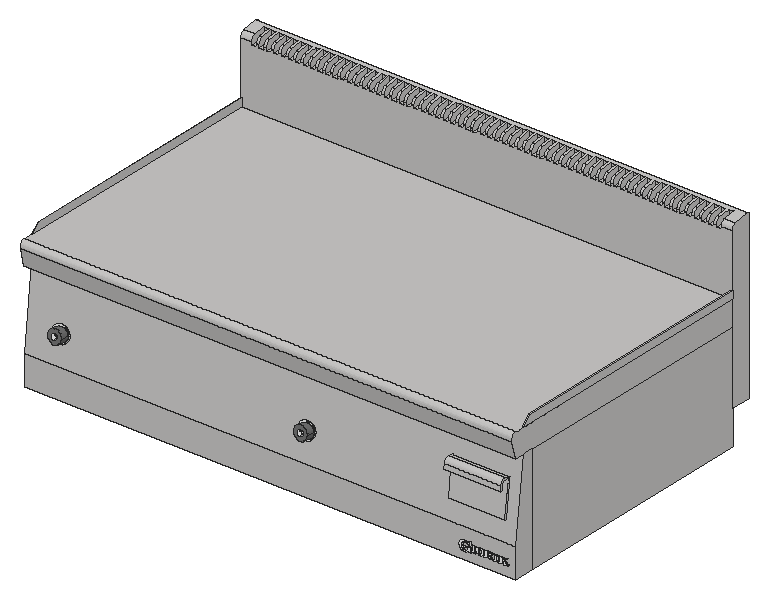
Revit family "QF_GIORIK_LGE6970", category Specialty Equipment, Revit 2014
Parameters (values of type "LGE6970")
  Weight in Pounds = 209.4389
  Watts = 10800 W
  Volts = 230 V
  URL Cutsheet = "www.giorik.com"
  URL = "www.giorik.com"
  Status [instance] = ""
  Specification by User [instance] = ""
  Specification by Manufacturer = ""
  Show Logo [instance] = yes
  Show Clearance [instance] = yes
  Serial Number = ""
  Seismic Rating = ""
  SMACNA No = ""
  Revision Code [instance] = ""
  Phase = 1
  Number of Poles [instance] = 1
  NAFEM Spec ID Number = ""
  Model = "LGE6970"
  Min Ckt Ampacity = 0 A
  Max Overcurrent Protection = 0 A
  Masterspec = ""
  Manufacturer = "GIORIK"
  Item Number [instance] = ""
  Installed By [instance] = ""
  Identify Quantity as Lot [instance] = no
  HP = "14.483016000000"
  Furnished By [instance] = ""
  Foodservice Equipment Identifier [instance] = yes
  FL Amps = 0 A
  Electrical Remarks [instance] = ""
  Electric Connection Type [instance] = ""
  Elec Conn RI Height [instance] = 0 mm
  Elec Conn Connection Height [instance] = 45 mm
  Description = "GRIDDLE SMOOTH"
  Cycle = 50 Hz
  Conn Plug = ""
  CSI MasterFormat = ""
  Assembly Code = "E1090320"
  Apparent Power = 10800 VA
Reference planes
  plane 1 "Back": y = 0
  plane 2: z = 0
  plane 3 "Left": x = 0
  plane 4 "Right": x = 1000
  plane 5 "Front": y = -600
  plane 6 "Top": z = 430
Forms (mm)
  Extrusion 1, solid
    sketch origin (0, 1000, -580) x (0, 1, 0) y (0, 0, 1)
      loop
        line (-1040.007, 869.975) -> (-1589.445, 869.975)
        arc (-1589.445, 869.975) -> (-1598.171, 865.672) -> (-1600.069, 856.13) r 10.999
        line (-1600.069, 856.13) -> (-1590.388, 820) -> (-1040.007, 820) -> (-1040.007, 869.975)
    from 0 to 1000
  Extrusion 2, solid
    sketch origin (0, 0, -560) x (0, 1, 0) y (0, 0, 1)
      loop
        line (-570.06, 849.975) -> (-40.007, 849.975) -> (-40.007, 865.387) -> (-554.648, 865.387) -> (-570.06, 849.975)
    from 0 to 1.85
  Extrusion 3, solid
    sketch origin (0, 0, -560) x (0, 1, 0) y (0, 0, 1)
      loop
        line (-40.007, 800) -> (-550, 800) -> (-550, 580) -> (-40.007, 580) -> (-40.007, 800)
    from 0 to 1000
  Extrusion 4, solid
    sketch origin (0, 0, -560) x (0, 1, 0) y (0, 0, 1)
      loop
        line (-550, 800) -> (-570.5, 800) -> (-590, 640) -> (-590, 580) -> (-550, 580) -> (-550, 800)
    from 0 to 1000
  Extrusion 5, solid
    sketch origin (998.094, 0, -560) x (0, 1, 0) y (0, 0, 1)
      loop
        line (-570.06, 849.975) -> (-40.007, 849.975) -> (-40.007, 865.387) -> (-554.648, 865.387) -> (-570.06, 849.975)
    from -0.15 to 1.906
  Extrusion 6, solid
    sketch origin (0, 0, -560) x (0, 1, 0) y (0, 0, 1)
      loop
        line (-40.007, 974.217) -> (-40.007, 650.827) -> (0, 650.827) -> (0, 988.42)
        arc (0, 988.42) -> (-0.57, 989.648) -> (-1.878, 990) r 1.6
        line (-1.878, 990) -> (-31.072, 984.852)
        arc (-31.072, 984.852) -> (-37.477, 981.162) -> (-40.007, 974.217) r 10.797
    from 0 to 1000
  Extrusion 7, solid
    sketch origin (103.819, 0, -561) x (1, 0, 0) y (0, 0, 1)
      loop
        circle (-38.319, 606) r 12.5
    from 20.007 to 40.007
  Extrusion 8, solid, visible <- "Show Logo"
    sketch origin (791.604, -590.5, -6.113) x (-1, 0, 0) y (0, 0, 1)
      loop
        line (-118.824, 58.358) -> (-127.804, 58.358) -> (-125.523, 56.445) -> (-125.523, 48.027) -> (-127.804, 46.113) -> (-118.824, 46.113) -> (-121.105, 48.027) -> (-121.105, 56.445) -> (-118.824, 58.358)
      loop
        line (-163.721, 58.358) -> (-172.7, 58.358) -> (-170.42, 56.445) -> (-170.42, 48.027) -> (-172.7, 46.113) -> (-163.721, 46.113) -> (-166.001, 48.027) -> (-166.001, 56.445) -> (-163.721, 58.358)
      loop
        line (-174.332, 58.358) -> (-183.312, 58.358) -> (-181.031, 56.445) -> (-181.031, 52.435) -> (-186.419, 56.955) -> (-184.416, 58.358) -> (-191.268, 58.358) -> (-188.01, 56.839) -> (-185.455, 54.283) -> (-190.846, 47.858) -> (-193.396, 46.93) -> (-193.396, 46.113) -> (-184.416, 46.113) -> (-185.437, 47.571) -> (-182.443, 51.552) -> (-181.031, 50.894) -> (-181.031, 48.027) -> (-183.312, 46.113) -> (-174.332, 46.113) -> (-176.613, 48.027) -> (-176.613, 56.445) -> (-174.332, 58.358)
      loop
        line (-115.429, 62.063) -> (-115.429, 54.198)
        arc (-115.429, 54.198) -> (-111.618, 57.803) -> (-106.847, 59.986) r 16.039
        arc (-106.847, 59.986) -> (-103.314, 59.837) -> (-100.512, 57.68) r 5.851
        arc (-100.512, 57.68) -> (-98.815, 52.267) -> (-100.512, 46.853) r 9.479
        arc (-100.512, 46.853) -> (-102.406, 44.986) -> (-104.846, 43.93) r 7.236
        arc (-104.846, 43.93) -> (-107.728, 44.111) -> (-110.052, 45.825) r 5.11
        line (-110.052, 45.825) -> (-110.052, 52.001) -> (-116.141, 52.001) -> (-116.141, 45.503) -> (-117.893, 43.751) -> (-114.094, 44.769)
        arc (-114.094, 44.769) -> (-112.56, 44.947) -> (-111.129, 44.366) r 3.115
        arc (-111.129, 44.366) -> (-104.216, 42.091) -> (-97.303, 44.366) r 11.641
        arc (-97.303, 44.366) -> (-93.396, 52.107) -> (-97.303, 59.849) r 9.622
        arc (-97.303, 59.849) -> (-104.369, 62.174) -> (-111.435, 59.849) r 11.898
        line (-111.435, 59.849) -> (-115.429, 62.063)
      loop
        arc (-129.234, 56.068) -> (-135.893, 58.628) -> (-142.552, 56.068) r 9.941
        arc (-142.552, 56.068) -> (-144.234, 52.286) -> (-142.552, 48.505) r 5.093
        arc (-142.552, 48.505) -> (-135.893, 45.945) -> (-129.234, 48.505) r 9.941
        arc (-129.234, 48.505) -> (-127.552, 52.286) -> (-129.234, 56.068) r 5.093
      loop
        arc (-132.628, 54.403) -> (-135.893, 57.668) -> (-139.158, 54.403) r 3.265
        line (-139.158, 54.403) -> (-139.158, 50.169)
        arc (-139.158, 50.169) -> (-135.893, 46.904) -> (-132.628, 50.169) r 3.265
        line (-132.628, 50.169) -> (-132.628, 54.403)
      loop
        arc (-156.363, 58.365) -> (-159.647, 55.081) -> (-156.363, 51.796) r 3.285
        line (-156.363, 51.796) -> (-159.529, 47.306) -> (-162.087, 46.113) -> (-155.847, 46.113) -> (-153.529, 51.083) -> (-150.637, 51.083) -> (-150.637, 47.784) -> (-153.022, 46.113) -> (-144.011, 46.113) -> (-146.094, 47.68) -> (-146.094, 56.493) -> (-144.229, 58.365) -> (-156.363, 58.365)
      loop
        line (-150.637, 57.512) -> (-153.637, 57.512)
        arc (-153.637, 57.512) -> (-156.237, 54.912) -> (-153.637, 52.312) r 2.6
        line (-153.637, 52.312) -> (-150.637, 52.312) -> (-150.637, 57.512)
      loop
        line (-108.924, 52.001) -> (-104.936, 49.005) -> (-100.948, 52.001) -> (-108.924, 52.001)
    from 1.5 to -0.5
  Extrusion 9, void
    sketch origin (7.5, 0, 430) x (0, 1, 0) y (-1, 0, 0)
      loop
        line (-40.007, -25) -> (-9.931, -25) -> (-9.931, -15) -> (-40.007, -15) -> (-40.007, -25)
      loop
        line (-40.007, -40) -> (-9.931, -40) -> (-9.931, -30) -> (-40.007, -30) -> (-40.007, -40)
      loop
        line (-40.007, -55) -> (-9.931, -55) -> (-9.931, -45) -> (-40.007, -45) -> (-40.007, -55)
      loop
        line (-40.007, -70) -> (-9.931, -70) -> (-9.931, -60) -> (-40.007, -60) -> (-40.007, -70)
      loop
        line (-40.007, -85) -> (-9.931, -85) -> (-9.931, -75) -> (-40.007, -75) -> (-40.007, -85)
      loop
        line (-40.007, -100) -> (-9.931, -100) -> (-9.931, -90) -> (-40.007, -90) -> (-40.007, -100)
      loop
        line (-40.007, -115) -> (-9.931, -115) -> (-9.931, -105) -> (-40.007, -105) -> (-40.007, -115)
      loop
        line (-40.007, -130) -> (-9.931, -130) -> (-9.931, -120) -> (-40.007, -120) -> (-40.007, -130)
      loop
        line (-40.007, -145) -> (-9.931, -145) -> (-9.931, -135) -> (-40.007, -135) -> (-40.007, -145)
      loop
        line (-40.007, -160) -> (-9.931, -160) -> (-9.931, -150) -> (-40.007, -150) -> (-40.007, -160)
      loop
        line (-40.007, -175) -> (-9.931, -175) -> (-9.931, -165) -> (-40.007, -165) -> (-40.007, -175)
      loop
        line (-40.007, -190) -> (-9.931, -190) -> (-9.931, -180) -> (-40.007, -180) -> (-40.007, -190)
      loop
        line (-40.007, -205) -> (-9.931, -205) -> (-9.931, -195) -> (-40.007, -195) -> (-40.007, -205)
      loop
        line (-40.007, -220) -> (-9.931, -220) -> (-9.931, -210) -> (-40.007, -210) -> (-40.007, -220)
      loop
        line (-40.007, -235) -> (-9.931, -235) -> (-9.931, -225) -> (-40.007, -225) -> (-40.007, -235)
      loop
        line (-40.007, -250) -> (-9.931, -250) -> (-9.931, -240) -> (-40.007, -240) -> (-40.007, -250)
      loop
        line (-40.007, -265) -> (-9.931, -265) -> (-9.931, -255) -> (-40.007, -255) -> (-40.007, -265)
      loop
        line (-40.007, -280) -> (-9.931, -280) -> (-9.931, -270) -> (-40.007, -270) -> (-40.007, -280)
      loop
        line (-40.007, -295) -> (-9.931, -295) -> (-9.931, -285) -> (-40.007, -285) -> (-40.007, -295)
      loop
        line (-40.007, -310) -> (-9.931, -310) -> (-9.931, -300) -> (-40.007, -300) -> (-40.007, -310)
      loop
        line (-40.007, -325) -> (-9.931, -325) -> (-9.931, -315) -> (-40.007, -315) -> (-40.007, -325)
      loop
        line (-40.007, -340) -> (-9.931, -340) -> (-9.931, -330) -> (-40.007, -330) -> (-40.007, -340)
      loop
        line (-40.007, -355) -> (-9.931, -355) -> (-9.931, -345) -> (-40.007, -345) -> (-40.007, -355)
      loop
        line (-40.007, -370) -> (-9.931, -370) -> (-9.931, -360) -> (-40.007, -360) -> (-40.007, -370)
      loop
        line (-40.007, -385) -> (-9.931, -385) -> (-9.931, -375) -> (-40.007, -375) -> (-40.007, -385)
      loop
        line (-40.007, -400) -> (-9.931, -400) -> (-9.931, -390) -> (-40.007, -390) -> (-40.007, -400)
      loop
        line (-40.007, -415) -> (-9.931, -415) -> (-9.931, -405) -> (-40.007, -405) -> (-40.007, -415)
      loop
        line (-40.007, -430) -> (-9.931, -430) -> (-9.931, -420) -> (-40.007, -420) -> (-40.007, -430)
      loop
        line (-40.007, -445) -> (-9.931, -445) -> (-9.931, -435) -> (-40.007, -435) -> (-40.007, -445)
      loop
        line (-40.007, -460) -> (-9.931, -460) -> (-9.931, -450) -> (-40.007, -450) -> (-40.007, -460)
      loop
        line (-40.007, -475) -> (-9.931, -475) -> (-9.931, -465) -> (-40.007, -465) -> (-40.007, -475)
      loop
        line (-40.007, -490) -> (-9.931, -490) -> (-9.931, -480) -> (-40.007, -480) -> (-40.007, -490)
      loop
        line (-40.007, -505) -> (-9.931, -505) -> (-9.931, -495) -> (-40.007, -495) -> (-40.007, -505)
      loop
        line (-40.007, -520) -> (-9.931, -520) -> (-9.931, -510) -> (-40.007, -510) -> (-40.007, -520)
      loop
        line (-40.007, -535) -> (-9.931, -535) -> (-9.931, -525) -> (-40.007, -525) -> (-40.007, -535)
      loop
        line (-40.007, -550) -> (-9.931, -550) -> (-9.931, -540) -> (-40.007, -540) -> (-40.007, -550)
      loop
        line (-40.007, -565) -> (-9.931, -565) -> (-9.931, -555) -> (-40.007, -555) -> (-40.007, -565)
      loop
        line (-40.007, -580) -> (-9.931, -580) -> (-9.931, -570) -> (-40.007, -570) -> (-40.007, -580)
      loop
        line (-40.007, -595) -> (-9.931, -595) -> (-9.931, -585) -> (-40.007, -585) -> (-40.007, -595)
      loop
        line (-40.007, -610) -> (-9.931, -610) -> (-9.931, -600) -> (-40.007, -600) -> (-40.007, -610)
      loop
        line (-40.007, -625) -> (-9.931, -625) -> (-9.931, -615) -> (-40.007, -615) -> (-40.007, -625)
      loop
        line (-40.007, -640) -> (-9.931, -640) -> (-9.931, -630) -> (-40.007, -630) -> (-40.007, -640)
      loop
        line (-40.007, -655) -> (-9.931, -655) -> (-9.931, -645) -> (-40.007, -645) -> (-40.007, -655)
      loop
        line (-40.007, -670) -> (-9.931, -670) -> (-9.931, -660) -> (-40.007, -660) -> (-40.007, -670)
      loop
        line (-40.007, -685) -> (-9.931, -685) -> (-9.931, -675) -> (-40.007, -675) -> (-40.007, -685)
      loop
        line (-40.007, -700) -> (-9.931, -700) -> (-9.931, -690) -> (-40.007, -690) -> (-40.007, -700)
      loop
        line (-40.007, -715) -> (-9.931, -715) -> (-9.931, -705) -> (-40.007, -705) -> (-40.007, -715)
      loop
        line (-40.007, -730) -> (-9.931, -730) -> (-9.931, -720) -> (-40.007, -720) -> (-40.007, -730)
      loop
        line (-40.007, -745) -> (-9.931, -745) -> (-9.931, -735) -> (-40.007, -735) -> (-40.007, -745)
      loop
        line (-40.007, -760) -> (-9.931, -760) -> (-9.931, -750) -> (-40.007, -750) -> (-40.007, -760)
      loop
        line (-40.007, -775) -> (-9.931, -775) -> (-9.931, -765) -> (-40.007, -765) -> (-40.007, -775)
      loop
        line (-40.007, -790) -> (-9.931, -790) -> (-9.931, -780) -> (-40.007, -780) -> (-40.007, -790)
      loop
        line (-40.007, -805) -> (-9.931, -805) -> (-9.931, -795) -> (-40.007, -795) -> (-40.007, -805)
      loop
        line (-40.007, -820) -> (-9.931, -820) -> (-9.931, -810) -> (-40.007, -810) -> (-40.007, -820)
      loop
        line (-40.007, -835) -> (-9.931, -835) -> (-9.931, -825) -> (-40.007, -825) -> (-40.007, -835)
      loop
        line (-40.007, -850) -> (-9.931, -850) -> (-9.931, -840) -> (-40.007, -840) -> (-40.007, -850)
      loop
        line (-40.007, -865) -> (-9.931, -865) -> (-9.931, -855) -> (-40.007, -855) -> (-40.007, -865)
      loop
        line (-40.007, -880) -> (-9.931, -880) -> (-9.931, -870) -> (-40.007, -870) -> (-40.007, -880)
      loop
        line (-40.007, -895) -> (-9.931, -895) -> (-9.931, -885) -> (-40.007, -885) -> (-40.007, -895)
      loop
        line (-40.007, -910) -> (-9.931, -910) -> (-9.931, -900) -> (-40.007, -900) -> (-40.007, -910)
      loop
        line (-40.007, -925) -> (-9.931, -925) -> (-9.931, -915) -> (-40.007, -915) -> (-40.007, -925)
      loop
        line (-40.007, -940) -> (-9.931, -940) -> (-9.931, -930) -> (-40.007, -930) -> (-40.007, -940)
      loop
        line (-40.007, -955) -> (-9.931, -955) -> (-9.931, -945) -> (-40.007, -945) -> (-40.007, -955)
      loop
        line (-40.007, -970) -> (-9.931, -970) -> (-9.931, -960) -> (-40.007, -960) -> (-40.007, -970)
    from 0 to -20
  Extrusion 10, solid
    sketch origin (566.603, 15.293, -30) x (0, 1, 0) y (-1, 0, 0)
      loop
        circle (-79.293, 516.603) r 5
    from 41.965 to 50
  Revolve 11, solid
    sketch origin (50, 19.943, -600) x (0, 1, 0) y (0, 0, 1)
      loop
        line (-83.943, 611.965) -> (-94.752, 611.965) -> (-97.943, 600) -> (-83.943, 600) -> (-83.943, 611.965)
      axis (-83.943, 611.965) -> (-83.943, 600)
    angle from 0 to 360
  Extrusion 12, solid
    sketch origin (433.397, 15.293, -30) x (0, 1, 0) y (-1, 0, 0)
      loop
        circle (-79.293, -516.603) r 5
    from 41.965 to 50
  Revolve 13, solid
    sketch origin (950, 19.943, -600) x (0, 1, 0) y (0, 0, -1)
      loop
        line (-83.943, -611.965) -> (-83.943, -600) -> (-97.943, -600) -> (-94.752, -611.965) -> (-83.943, -611.965)
      axis (-83.943, -611.965) -> (-83.943, -600)
    angle from 0 to 360
  Extrusion 14, solid
    sketch origin (566.603, -459.707, -30) x (0, 1, 0) y (-1, 0, 0)
      loop
        circle (-79.293, 516.603) r 5
    from 41.965 to 50
  Revolve 15, solid
    sketch origin (50, -455.057, -600) x (0, 1, 0) y (0, 0, 1)
      loop
        line (-83.943, 611.965) -> (-94.752, 611.965) -> (-97.943, 600) -> (-83.943, 600) -> (-83.943, 611.965)
      axis (-83.943, 611.965) -> (-83.943, 600)
    angle from 0 to 360
  Extrusion 16, solid
    sketch origin (433.397, -459.707, -30) x (0, 1, 0) y (-1, 0, 0)
      loop
        circle (-79.293, -516.603) r 5
    from 41.965 to 50
  Revolve 17, solid
    sketch origin (950, -455.057, -600) x (0, 1, 0) y (0, 0, -1)
      loop
        line (-83.943, -611.965) -> (-83.943, -600) -> (-97.943, -600) -> (-94.752, -611.965) -> (-83.943, -611.965)
      axis (-83.943, -611.965) -> (-83.943, -600)
    angle from 0 to 360
  Extrusion 18, solid
    sketch origin (722.5, -693.34, -437.283) x (0, 0.992655, -0.12098) y (0, 0.12098, 0.992655)
      loop
        line (40, 640.1) -> (30, 640.1)
        arc (30, 640.1) -> (22.929, 637.171) -> (20, 630.1) r 10
        line (20, 630.1) -> (20, 620.1) -> (22, 620.1) -> (22, 630.1)
        arc (22, 630.1) -> (24.343, 635.757) -> (30, 638.1) r 8
        line (30, 638.1) -> (38, 638.1) -> (38, 565.1) -> (40, 565.1) -> (40, 640.1)
    from 137.5 to 252.5
  Extrusion 19, solid
    sketch origin (69, -610.315, -100.4) x (1, 0, 0) y (0, 0.117494, 0.993074)
      loop
        circle (0, 240) r 14
    from 0 to 17.552
  Extrusion 20, solid
    sketch origin (569, -610.315, -100.4) x (1, 0, 0) y (0, 0.117494, 0.993074)
      loop
        circle (0, 240) r 14
    from 0 to 17.552
  Extrusion 21, solid
    sketch origin (569, -611.579, -100.299) x (1, 0, 0) y (0, 0.12098, 0.992655)
      loop
        circle (0, 240) r 17
    from 0 to 1.96
  Extrusion 22, solid
    sketch origin (499, -20.868, -71.425) x (1, 0, 0) y (0, 0.12098, 0.992655)
      loop
        circle (70, 139.874) r 5
    from 601.431 to 599.431
  Extrusion 23, solid
    sketch origin (69, -611.579, -100.361) x (1, 0, 0) y (0, 0.12098, 0.992655)
      loop
        circle (0, 240) r 17
    from 0 to 1.96
  Extrusion 24, solid
    sketch origin (-1, -20.868, -71.486) x (1, 0, 0) y (0, 0.12098, 0.992655)
      loop
        circle (70, 139.874) r 5
    from 601.431 to 599.431
Cuts and joins
  Extrusion 9 cuts Extrusion 6
Lines and regions (mm)
  symbolic lines, style "200-EquipBorder-2D"
    curve 1: line (1000, 0, 0) -> (0, 0, 0)
    curve 2: line (0, 0, 0) -> (0, -600, 0)
    curve 118: line (1000, -600, 430) -> (1000, 0, 430)
    curve 201: line (0, -600, 430) -> (1000, -600, 430)
  symbolic lines, style "200-EquipInternal-2D"
    curve 3: line (1000, -40.007, 430) -> (0, -40.007, 430)
    curve 4: line (997.944, -570.06, 430) -> (1000, -570.06, 430)
    curve 5: line (997.944, -40.007, 430) -> (997.944, -570.06, 430)
    curve 6: line (0, -570.06, 430) -> (1.85, -570.06, 430)
    curve 7: line (1.85, -570.06, 430) -> (1.85, -40.007, 430)
    curve 8: line (22.5, -9.931, 290) -> (22.5, -40.007, 290)
    curve 9: line (32.5, -40.007, 290) -> (32.5, -9.931, 290)
    curve 10: line (37.5, -9.931, 290) -> (37.5, -40.007, 290)
    curve 11: line (47.5, -40.007, 290) -> (47.5, -9.931, 290)
    curve 12: line (52.5, -9.931, 290) -> (52.5, -40.007, 290)
    curve 13: line (62.5, -40.007, 290) -> (62.5, -9.931, 290)
    curve 14: line (82.5, -9.931, 290) -> (82.5, -40.007, 290)
    curve 15: line (92.5, -40.007, 290) -> (92.5, -9.931, 290)
    curve 16: line (97.5, -9.931, 290) -> (97.5, -40.007, 290)
    curve 17: line (107.5, -40.007, 290) -> (107.5, -9.931, 290)
    curve 18: line (137.5, -40.007, 290) -> (137.5, -9.931, 290)
    curve 19: line (127.5, -9.931, 290) -> (127.5, -40.007, 290)
    curve 20: line (152.5, -40.007, 290) -> (152.5, -9.931, 290)
    curve 21: line (157.5, -9.931, 290) -> (157.5, -40.007, 290)
    curve 22: line (167.5, -40.007, 290) -> (167.5, -9.931, 290)
    curve 23: line (142.5, -9.931, 290) -> (142.5, -40.007, 290)
    curve 24: line (197.5, -40.007, 290) -> (197.5, -9.931, 290)
    curve 25: line (187.5, -9.931, 290) -> (187.5, -40.007, 290)
    curve 26: line (202.5, -9.931, 290) -> (202.5, -40.007, 290)
    curve 27: line (212.5, -40.007, 290) -> (212.5, -9.931, 290)
    curve 28: line (217.5, -9.931, 290) -> (217.5, -40.007, 290)
    curve 29: line (227.5, -40.007, 290) -> (227.5, -9.931, 290)
    curve 30: line (247.5, -9.931, 290) -> (247.5, -40.007, 290)
    curve 31: line (257.5, -40.007, 290) -> (257.5, -9.931, 290)
    curve 32: line (262.5, -9.931, 290) -> (262.5, -40.007, 290)
    curve 33: line (272.5, -40.007, 290) -> (272.5, -9.931, 290)
    curve 34: line (277.5, -9.931, 290) -> (277.5, -40.007, 290)
    curve 35: line (287.5, -40.007, 290) -> (287.5, -9.931, 290)
    curve 36: line (317.5, -40.007, 290) -> (317.5, -9.931, 290)
    curve 37: line (307.5, -9.931, 290) -> (307.5, -40.007, 290)
    curve 38: line (332.5, -40.007, 290) -> (332.5, -9.931, 290)
    curve 39: line (322.5, -9.931, 290) -> (322.5, -40.007, 290)
    curve 40: line (337.5, -9.931, 290) -> (337.5, -40.007, 290)
    curve 41: line (347.5, -40.007, 290) -> (347.5, -9.931, 290)
    curve 42: line (367.5, -9.931, 290) -> (367.5, -40.007, 290)
    curve 43: line (377.5, -40.007, 290) -> (377.5, -9.931, 290)
    curve 44: line (382.5, -9.931, 290) -> (382.5, -40.007, 290)
    curve 45: line (392.5, -9.931, 290) -> (382.5, -9.931, 290)
    curve 46: line (377.5, -9.931, 290) -> (367.5, -9.931, 290)
    curve 47: line (347.5, -9.931, 290) -> (337.5, -9.931, 290)
    curve 48: line (332.5, -9.931, 290) -> (322.5, -9.931, 290)
    curve 49: line (317.5, -9.931, 290) -> (307.5, -9.931, 290)
    curve 50: line (272.5, -9.931, 290) -> (262.5, -9.931, 290)
    curve 51: line (107.5, -9.931, 290) -> (97.5, -9.931, 290)
    curve 52: line (92.5, -9.931, 290) -> (82.5, -9.931, 290)
    curve 53: line (62.5, -9.931, 290) -> (52.5, -9.931, 290)
    curve 54: line (32.5, -9.931, 290) -> (22.5, -9.931, 290)
    curve 55: line (137.5, -9.931, 290) -> (127.5, -9.931, 290)
    curve 56: line (152.5, -9.931, 290) -> (142.5, -9.931, 290)
    curve 57: line (167.5, -9.931, 290) -> (157.5, -9.931, 290)
    curve 58: line (197.5, -9.931, 290) -> (187.5, -9.931, 290)
    curve 59: line (212.5, -9.931, 290) -> (202.5, -9.931, 290)
    curve 60: line (227.5, -9.931, 290) -> (217.5, -9.931, 290)
    curve 61: line (257.5, -9.931, 290) -> (247.5, -9.931, 290)
    curve 62: line (47.5, -9.931, 290) -> (37.5, -9.931, 290)
    curve 63: line (67.5, -9.931, 430) -> (67.5, -40.007, 430)
    curve 64: line (77.5, -40.007, 430) -> (77.5, -9.931, 430)
    curve 65: line (77.5, -9.931, 430) -> (67.5, -9.931, 430)
    curve 66: line (112.5, -9.931, 430) -> (112.5, -40.007, 430)
    curve 67: line (122.5, -40.007, 430) -> (122.5, -9.931, 430)
    curve 68: line (122.5, -9.931, 430) -> (112.5, -9.931, 430)
    curve 69: line (172.5, -9.931, 430) -> (172.5, -40.007, 430)
    curve 70: line (182.5, -40.007, 430) -> (182.5, -9.931, 430)
    curve 71: line (182.5, -9.931, 430) -> (172.5, -9.931, 430)
    curve 72: line (232.5, -9.931, 430) -> (232.5, -40.007, 430)
    curve 73: line (242.5, -40.007, 430) -> (242.5, -9.931, 430)
    curve 74: line (242.5, -9.931, 430) -> (232.5, -9.931, 430)
    curve 75: line (287.5, -9.931, 430) -> (277.5, -9.931, 430)
    curve 76: line (302.5, -9.931, 430) -> (292.5, -9.931, 430)
    curve 77: line (292.5, -9.931, 430) -> (292.5, -40.007, 430)
    curve 78: line (302.5, -40.007, 430) -> (302.5, -9.931, 430)
    curve 79: line (352.5, -9.931, 430) -> (352.5, -40.007, 430)
    curve 80: line (362.5, -40.007, 430) -> (362.5, -9.931, 430)
    curve 81: line (362.5, -9.931, 430) -> (352.5, -9.931, 430)
    curve 82: line (392.5, -40.007, 430) -> (392.5, -9.931, 430)
    curve 83: line (397.5, -9.931, 430) -> (397.5, -40.007, 430)
    curve 84: line (407.5, -40.007, 430) -> (407.5, -9.931, 430)
    curve 85: line (407.5, -9.931, 430) -> (397.5, -9.931, 430)
    curve 86: line (422.5, -9.931, 430) -> (412.5, -9.931, 430)
    curve 87: line (412.5, -9.931, 430) -> (412.5, -40.007, 430)
    curve 88: line (422.5, -40.007, 430) -> (422.5, -9.931, 430)
    curve 89: line (427.5, -9.931, 430) -> (427.5, -40.007, 430)
    curve 90: line (437.5, -40.007, 430) -> (437.5, -9.931, 430)
    curve 91: line (437.5, -9.931, 430) -> (427.5, -9.931, 430)
    curve 92: line (442.5, -9.931, 430) -> (442.5, -40.007, 430)
    curve 93: line (452.5, -40.007, 430) -> (452.5, -9.931, 430)
    curve 94: line (457.5, -9.931, 430) -> (457.5, -40.007, 430)
    curve 95: line (467.5, -40.007, 430) -> (467.5, -9.931, 430)
    curve 96: line (472.5, -9.931, 430) -> (472.5, -40.007, 430)
    curve 97: line (482.5, -40.007, 430) -> (482.5, -9.931, 430)
    curve 98: line (487.5, -9.931, 430) -> (487.5, -40.007, 430)
    curve 99: line (497.5, -40.007, 430) -> (497.5, -9.931, 430)
    curve 100: line (502.5, -9.931, 430) -> (502.5, -40.007, 430)
    curve 101: line (512.5, -40.007, 430) -> (512.5, -9.931, 430)
    curve 102: line (517.5, -9.931, 430) -> (517.5, -40.007, 430)
    curve 103: line (527.5, -40.007, 430) -> (527.5, -9.931, 430)
    curve 104: line (532.5, -9.931, 430) -> (532.5, -40.007, 430)
    curve 105: line (542.5, -40.007, 430) -> (542.5, -9.931, 430)
    curve 106: line (547.5, -9.931, 430) -> (547.5, -40.007, 430)
    curve 107: line (557.5, -40.007, 430) -> (557.5, -9.931, 430)
    curve 108: line (562.5, -9.931, 430) -> (562.5, -40.007, 430)
    curve 109: line (452.5, -9.931, 430) -> (442.5, -9.931, 430)
    curve 110: line (467.5, -9.931, 430) -> (457.5, -9.931, 430)
    curve 111: line (482.5, -9.931, 430) -> (472.5, -9.931, 430)
    curve 112: line (497.5, -9.931, 430) -> (487.5, -9.931, 430)
    curve 113: line (512.5, -9.931, 430) -> (502.5, -9.931, 430)
    curve 114: line (527.5, -9.931, 430) -> (517.5, -9.931, 430)
    curve 115: line (542.5, -9.931, 430) -> (532.5, -9.931, 430)
    curve 116: line (557.5, -9.931, 430) -> (547.5, -9.931, 430)
    curve 117: line (572.5, -9.931, 430) -> (562.5, -9.931, 430)
    curve 119: line (572.5, -40.007, 430) -> (572.5, -9.931, 430)
    curve 120: line (577.5, -9.931, 430) -> (577.5, -40.007, 430)
    curve 121: line (587.5, -9.931, 430) -> (577.5, -9.931, 430)
    curve 122: line (602.5, -9.931, 430) -> (592.5, -9.931, 430)
    curve 123: line (617.5, -9.931, 430) -> (607.5, -9.931, 430)
    curve 124: line (632.5, -9.931, 430) -> (622.5, -9.931, 430)
    curve 125: line (647.5, -9.931, 430) -> (637.5, -9.931, 430)
    curve 126: line (662.5, -40.007, 430) -> (662.5, -9.931, 430)
    curve 127: line (677.5, -9.931, 430) -> (667.5, -9.931, 430)
    curve 128: line (707.5, -9.931, 430) -> (697.5, -9.931, 430)
    curve 129: line (692.5, -9.931, 430) -> (682.5, -9.931, 430)
    curve 130: line (662.5, -9.931, 430) -> (652.5, -9.931, 430)
    curve 131: line (722.5, -9.931, 430) -> (712.5, -9.931, 430)
    curve 132: line (737.5, -9.931, 430) -> (727.5, -9.931, 430)
    curve 133: line (752.5, -9.931, 430) -> (742.5, -9.931, 430)
    curve 134: line (767.5, -9.931, 430) -> (757.5, -9.931, 430)
    curve 135: line (782.5, -40.007, 430) -> (782.5, -9.931, 430)
    curve 136: line (782.5, -9.931, 430) -> (772.5, -9.931, 430)
    curve 137: line (797.5, -9.931, 430) -> (787.5, -9.931, 430)
    curve 138: line (812.5, -9.931, 430) -> (802.5, -9.931, 430)
    curve 139: line (827.5, -9.931, 430) -> (817.5, -9.931, 430)
    curve 140: line (842.5, -9.931, 430) -> (832.5, -9.931, 430)
    curve 141: line (857.5, -9.931, 430) -> (847.5, -9.931, 430)
    curve 142: line (872.5, -9.931, 430) -> (862.5, -9.931, 430)
    curve 143: line (887.5, -9.931, 430) -> (877.5, -9.931, 430)
    curve 144: line (902.5, -9.931, 430) -> (892.5, -9.931, 430)
    curve 145: line (917.5, -9.931, 430) -> (907.5, -9.931, 430)
    curve 146: line (932.5, -9.931, 430) -> (922.5, -9.931, 430)
    curve 147: line (947.5, -40.007, 430) -> (947.5, -9.931, 430)
    curve 148: line (947.5, -9.931, 430) -> (937.5, -9.931, 430)
    curve 149: line (962.5, -9.931, 430) -> (952.5, -9.931, 430)
    curve 150: line (977.5, -9.931, 430) -> (967.5, -9.931, 430)
    curve 151: line (977.5, -40.007, 430) -> (977.5, -9.931, 430)
    curve 152: line (967.5, -9.931, 430) -> (967.5, -40.007, 430)
    curve 153: line (962.5, -40.007, 430) -> (962.5, -9.931, 430)
    curve 154: line (952.5, -9.931, 430) -> (952.5, -40.007, 430)
    curve 155: line (937.5, -9.931, 430) -> (937.5, -40.007, 430)
    curve 156: line (932.5, -40.007, 430) -> (932.5, -9.931, 430)
    curve 157: line (922.5, -9.931, 430) -> (922.5, -40.007, 430)
    curve 158: line (917.5, -40.007, 430) -> (917.5, -9.931, 430)
    curve 159: line (907.5, -9.931, 430) -> (907.5, -40.007, 430)
    curve 160: line (902.5, -40.007, 430) -> (902.5, -9.931, 430)
    curve 161: line (892.5, -9.931, 430) -> (892.5, -40.007, 430)
    curve 162: line (887.5, -40.007, 430) -> (887.5, -9.931, 430)
    curve 163: line (877.5, -9.931, 430) -> (877.5, -40.007, 430)
    curve 164: line (872.5, -40.007, 430) -> (872.5, -9.931, 430)
    curve 165: line (862.5, -9.931, 430) -> (862.5, -40.007, 430)
    curve 166: line (857.5, -40.007, 430) -> (857.5, -9.931, 430)
    curve 167: line (847.5, -9.931, 430) -> (847.5, -40.007, 430)
    curve 168: line (842.5, -40.007, 430) -> (842.5, -9.931, 430)
    curve 169: line (832.5, -9.931, 430) -> (832.5, -40.007, 430)
    curve 170: line (827.5, -40.007, 430) -> (827.5, -9.931, 430)
    curve 171: line (817.5, -9.931, 430) -> (817.5, -40.007, 430)
    curve 172: line (812.5, -40.007, 430) -> (812.5, -9.931, 430)
    curve 173: line (802.5, -9.931, 430) -> (802.5, -40.007, 430)
    curve 174: line (797.5, -40.007, 430) -> (797.5, -9.931, 430)
    curve 175: line (787.5, -9.931, 430) -> (787.5, -40.007, 430)
    curve 176: line (772.5, -9.931, 430) -> (772.5, -40.007, 430)
    curve 177: line (767.5, -40.007, 430) -> (767.5, -9.931, 430)
    curve 178: line (757.5, -9.931, 430) -> (757.5, -40.007, 430)
    curve 179: line (752.5, -40.007, 430) -> (752.5, -9.931, 430)
    curve 180: line (742.5, -9.931, 430) -> (742.5, -40.007, 430)
    curve 181: line (737.5, -40.007, 430) -> (737.5, -9.931, 430)
    curve 182: line (727.5, -9.931, 430) -> (727.5, -40.007, 430)
    curve 183: line (722.5, -40.007, 430) -> (722.5, -9.931, 430)
    curve 184: line (712.5, -9.931, 430) -> (712.5, -40.007, 430)
    curve 185: line (707.5, -40.007, 430) -> (707.5, -9.931, 430)
    curve 186: line (697.5, -9.931, 430) -> (697.5, -40.007, 430)
    curve 187: line (692.5, -40.007, 430) -> (692.5, -9.931, 430)
    curve 188: line (682.5, -9.931, 430) -> (682.5, -40.007, 430)
    curve 189: line (677.5, -40.007, 430) -> (677.5, -9.931, 430)
    curve 190: line (667.5, -9.931, 430) -> (667.5, -40.007, 430)
    curve 191: line (652.5, -9.931, 430) -> (652.5, -40.007, 430)
    curve 192: line (647.5, -40.007, 430) -> (647.5, -9.931, 430)
    curve 193: line (637.5, -9.931, 430) -> (637.5, -40.007, 430)
    curve 194: line (632.5, -40.007, 430) -> (632.5, -9.931, 430)
    curve 195: line (622.5, -9.931, 430) -> (622.5, -40.007, 430)
    curve 196: line (617.5, -40.007, 430) -> (617.5, -9.931, 430)
    curve 197: line (607.5, -9.931, 430) -> (607.5, -40.007, 430)
    curve 198: line (602.5, -40.007, 430) -> (602.5, -9.931, 430)
    curve 199: line (592.5, -9.931, 430) -> (592.5, -40.007, 430)
    curve 200: line (587.5, -40.007, 430) -> (587.5, -9.931, 430)
Dimensions and locks
  plane 3 "Left" to plane 4 "Right" = 1000 mm
  plane 5 "Front" to plane 1 "Back" = 600 mm
  plane 4 "Right" to plane 3 "Left" = 1000 mm
  plane 1 "Back" to plane 5 "Front" = 600 mm
  plane 6 "Top" to level = 430 mm  (x2)
  aligned and locked: level to plane 2
Connectors
  electrical at (65.5, -20.007, 45), driven by "Apparent Power", driven by "Volts", driven by "Number of Poles"
    settings: on Extrusion 7, index 1, voltage 230 V, apparent load 0 VA, apparent load phase1 10800 VA, apparent load phase2 0 VA, apparent load phase3 0 VA, power factor 1, load classification "Other", number of poles 1, system type 31, power factor state 1, is connector primary yes, connector utility no, sub classification motor no, connector description "Electrical connection"
